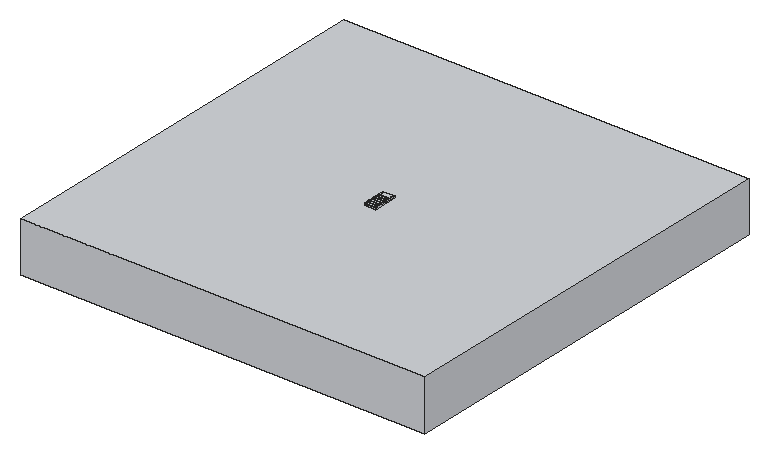
Revit family "Gira_2046112", category Elektroinstallationen, Revit 2017
Family settings
  Basisbauteil = Fläche
  Beschriftungsausrichtung beibehalten = Nein
  Bemaßung runder Anschluss = Durchmesser verwenden
  Teiletyp = Normal
  Beim Laden mit Abzugskörper schneiden = Nein
  Gemeinsam genutzt = Nein
  Raumberechnungspunkt = Nein
Parameters (values of type "KNX Tastsens.3 Plus 6f (2+4) Flächenschalter Reinweiß")
  Werkstoffgüte = "Thermoplast"
  Werkstoff Text = "Kunststoff"
  Default Elevation = 1219.2 mm
  URL = "https://www.gira.de/"
  Typname = "KNX Tastsens.3 Plus 6f (2+4) Flächenschalter Reinweiß"
  Type Comments = ""
  Transparent = no
  Schutzart (IP) = "IP20"
  RAL-Nummer (ähnlich) = 9010
  Produktseite = "https://media.stage.bim.site/t/eyJhbGciOiJIUzI1NiIsInR5cCI6IkpXVCJ9.eyJjdCI6MiwidHUiOiJodHRwOi8va2F0YWxvZy5naXJhLmRlL2RlX0RFL2RhdGVuYmxhdHQuaHRtbD9hcnRpa2VsbnI9MjA0NjExMiIsImNpZCI6IjMyNzdjYzIzLTgxYTktNGVlMy1hOTBhLWI0N2JiNGMwYjYxNiIsInJpZCI6IjNhMWJjNWQ3ODdmZmVlMWE3NjU4YWQ2ZWI2OTYzY2UxIiwicGlkIjoiMjVlMWUxZWRiYTZkNTExMDc1ZmNlZjEwZDI5M2UyYzgzN2I5NTNiMyIsInNpZCI6IjYzNDcwIiwidXQiOjEsImxjIjoiZGUiLCJpYXQiOjE2MDA5MzgyMjgsImlzcyI6Imh0dHBzOi8vYXBpLmxpdmUuYmltLnNpdGUiLCJzdWIiOiJhZG1pbkBiaW1zaXRlLmRldiJ9.g9lchiHVON_xaSJ17_GmKzl5ho3JRhP0xu6NhtyGqdc"
  Oberfläche Text = "sonstige"
  Montageart = "Unterputz"
  Model = ""
  Mit Raumthermostat = yes
  Mit LED-Anzeige = yes
  Mit Infrarotsensor = no
  Mit Display = yes
  Mit Diebstahl-/Demontageschutz = yes
  Mit Busankopplung = no
  Mit Beschriftungsfeld = no
  Kosten = 0
  Hersteller = "Gira"
  HeinzeBIM = "https://www.heinze.de/bim/knx-tastsens-3-plus-6f-2-4-flaechenschalter-reinweiss/25e1e1edba6d511075fcef10d293e2c837b953b3"
  HAN = "2046112"
  GTIN = "4010337081968"
  Farbe = "weiß"
  Datenblatt 1 = "https://media.stage.bim.site/t/eyJhbGciOiJIUzI1NiIsInR5cCI6IkpXVCJ9.eyJjdCI6MSwidGYiOiJwdWJsaWMvZ2lyYS9hZThjNTU3LzIwNDYxMTIudHh0IiwiY2lkIjoiMzI3N2NjMjMtODFhOS00ZWUzLWE5MGEtYjQ3YmI0YzBiNjE2IiwicmlkIjoiM2ExYmM1ZDc4N2ZmZWUxYTc2NThhZDZlYjY5NjNjZTEiLCJwaWQiOiIyNWUxZTFlZGJhNmQ1MTEwNzVmY2VmMTBkMjkzZTJjODM3Yjk1M2IzIiwic2lkIjoiNjM0NzAiLCJ1dCI6MSwibGMiOiJkZSIsImlhdCI6MTYwMDkzODIyOCwiaXNzIjoiaHR0cHM6Ly9hcGkubGl2ZS5iaW0uc2l0ZSIsInN1YiI6ImFkbWluQGJpbXNpdGUuZGV2In0.ml-k332oQR9sb5-CYYYgtxEMwVeUt__SRBgS-Xckh3s/2046112.txt"
  Datenblatt = "https://media.stage.bim.site/t/eyJhbGciOiJIUzI1NiIsInR5cCI6IkpXVCJ9.eyJjdCI6MSwidHUiOiJodHRwczovL2thdGFsb2cuZ2lyYS5kZS9kZV9ERS9kb3dubG9hZC5odG1sP2FydGlrZWxucj0yMDQ2MTEyIiwiY2lkIjoiMzI3N2NjMjMtODFhOS00ZWUzLWE5MGEtYjQ3YmI0YzBiNjE2IiwicmlkIjoiM2ExYmM1ZDc4N2ZmZWUxYTc2NThhZDZlYjY5NjNjZTEiLCJwaWQiOiIyNWUxZTFlZGJhNmQ1MTEwNzVmY2VmMTBkMjkzZTJjODM3Yjk1M2IzIiwic2lkIjoiNjM0NzAiLCJ1dCI6MSwibGMiOiJkZSIsImlhdCI6MTYwMDkzODIyOCwiaXNzIjoiaHR0cHM6Ly9hcGkubGl2ZS5iaW0uc2l0ZSIsInN1YiI6ImFkbWluQGJpbXNpdGUuZGV2In0.3IHCwAVu7PVKHtNCYYVUw30IkOGKWZppkr6Oa4C48G0"
  Color [instance] = none
  Bussystem Powernet = no
  Bussystem LON = no
  Bussystem KNX-Funk = no
  Bussystem KNX = yes
  Bussystem Funkbus = no
  Beschreibung = "KNX Tastsensor 3 Plus 6fach (2+4)  Reinweiß glänzend Merkmale:  Montage auf Busankoppler 3 oder Busankoppler 3 externer Fühler.  Demontageschutz durch Verschraubung.  Grafikdisplay mit Hintergrundbeleuchtung und vielfältigen Anzeigemöglichkeiten, z. B. Temperatur, Uhrzeit, Datum, Alarm- und Hinweistexte.  Weiße Betriebs-LED.  Mehrfarbige Status-LED (rot, grün, blau) über die ETS parametrierbar.  Interner Temperatursensor zum Messen der lokalen Raumtemperatur. Tastsensor-Eigenschaften::  Wippen- oder Tastenfunktion für jede Bedienfläche einstellbar.  Wippenfunktion: Schalten, Dimmen, Jalousiesteuerung, Wertgeber 1 Byte, Wertgeber 2 Byte, Szenennebenstelle, 2-Kanal-Bedienung und manuelle Lüftersteuerung.  Tastenfunktion: Schalten, Dimmen, Jalousiesteuerung, Wertgeber 1 Byte, Wertgeber 2 Byte, Szenennebenstelle, 2-Kanal-Bedienung, Reglernebenstelle, Reglerbedienung, Heizungsuhrbedienung und manuelle Lüftersteuerung.  Reglernebenstelle oder Reglerbedienung: Betriebsmodusumschaltung, (definierte Wahl eines Betriebsmodus oder Wechsel zwischen verschiedenen Betriebsmodi bei Reglernebenstelle), Wechsel des Präsenzzustands, Sollwertverschiebung.  Sperrobjekt zum Sperren von einzelnen Tasten- bzw. Wippenfunktionen.  Anzeige einer Alarmmeldung durch Blinken sämtlicher LEDs.  Mehrfarbige Status-LED (rot, grün, blau) ist global oder jeweils getrennt konfigurierbar. Über den Bus kann eine überlagerte Funktion aktiviert werden, wodurch Farbe und Anzeigeinformation einzelner Status-LEDs prioritätsbedingt verändert werden können.  Betriebs-LED EIN, AUS, automatische Abschaltung oder über Objekt schaltbar.  Kommunikationsobjekt zur Helligkeitssteuerung der Status-LED, Beschriftungsfeldbeleuchtung und Hintergrundbeleuchtung des Displays. Raumtemperaturregler-Eigenschaften::  Betriebsmodi: Komfort, Stand-by, Nacht und Frost- bzw. Hitzeschutz mit jeweils eigenen Temperatursollwerten (für Heizen und bzw. oder Kühlen).  Komfortverlängerung durch Präsenztaste.  Frost- bzw. Hitzeschutzumschaltung durch Fensterstatus oder durch Frostschutzautomatik.  Anzeige der Raumtemperaturregler-Informationen über das Gerätedisplay.  Wahlweise ein oder zwei Regelkreise.  Je Heiz- oder Kühlstufe sind verschiedene Regelungsarten konfigurierbar: PI-Regelung (stetige oder schaltende PWM) oder 2-Punkt-Regelung (schaltend).  Regelparameter für PI-Regler und 2-Punkt-Regler einstellbar.  Interner Temperatursensor und bis zu zwei externe Temperaturfühler (1 x Objekt, 1 x bedrahtet) zur Raumtemperaturmessung möglich.  Optionaler externer bedrahteter Fernfühler für z. B. Estrichfühler bei Fußbodenheizung.  Heizungsuhr mit 28 Schaltzeiten. LC-Display Eigenschaften::  Grafikdisplay mit schaltbarer LED-Hintergrundbeleuchtung.  1-Bereichs- oder 2-Bereichsdarstellung.  Textanzeigen im Display in den Sprachen: Deutsch, Englisch, Niederländisch, Norwegisch, Russisch und Polnisch. Weitere Sprachen im Internet verfügbar.  Hinweise :  Professionelle Beschriftung über den Gira Beschriftungsservice www.beschriftung.gira.de."
  Assembly Code = ""
  Keynote = ""
  BIMSITE_PRODUCT_ID = "25e1e1edba6d511075fcef10d293e2c837b953b3"
  BIM = "https://media.stage.bim.site/t/eyJhbGciOiJIUzI1NiIsInR5cCI6IkpXVCJ9.eyJjdCI6MSwidGYiOiJwdWJsaWMvZ2lyYS9hZThjNTU3L0tOWCBUYXN0c2Vuc29yIDMgUGx1cyA2ZmFjaCAoMis0KS5yZmEiLCJjaWQiOiIzMjc3Y2MyMy04MWE5LTRlZTMtYTkwYS1iNDdiYjRjMGI2MTYiLCJyaWQiOiIzYTFiYzVkNzg3ZmZlZTFhNzY1OGFkNmViNjk2M2NlMSIsInBpZCI6IjI1ZTFlMWVkYmE2ZDUxMTA3NWZjZWYxMGQyOTNlMmM4MzdiOTUzYjMiLCJzaWQiOiI2MzQ3MCIsInV0Ijo1LCJsYyI6ImRlIiwiaWF0IjoxNjAwOTM4MjI4LCJpc3MiOiJodHRwczovL2FwaS5saXZlLmJpbS5zaXRlIiwic3ViIjoiYWRtaW5AYmltc2l0ZS5kZXYifQ.Mkaoy4Btu6eMcU-w1ALf9klz1AbH7qPYekKgZMOjS6Q/KNX Tastsensor 3 Plus 6fach (2+4).rfa"
  Ausführung der Oberfläche = "glänzend"
  Anzahl der Tasten = 6
  Anzahl der Betätigungspunkte = 14
  Andere Bussysteme = "ohne"
Reference planes
  plane 1 "Center (Front/Back)": y = 0
  plane 2: z = 0
  plane 3 "Center (Left/Right)": x = 0
Forms (mm)
  Extrusion 1, solid
    sketch origin (0, 0, 0) x (1, 0, 0) y (0, 1, 0)
      loop
        line (-1219.2, 1219.2) -> (-1219.2, -1219.2) -> (1219.2, -1219.2) -> (1219.2, 1219.2) -> (-1219.2, 1219.2)
    from 0 to -304.8
  Extrusion 2, solid, material <- "Color", detail levels fine
    sketch origin (-55.776, -65.26, 7.5) x (1, 0, 0) y (0, 1, 0)
      loop
        line (20.625, 100.531) -> (20.625, 65.457) -> (90.926, 65.457) -> (90.926, 100.531) -> (20.625, 100.531)
      loop
        line (20.625, 65.077) -> (20.625, 47.73) -> (90.926, 47.73) -> (90.926, 65.077) -> (20.625, 65.077)
      loop
        line (20.625, 47.336) -> (20.625, 29.988) -> (90.926, 29.988) -> (90.926, 47.336) -> (20.625, 47.336)
      loop
        line (20.6, 12.252) -> (90.926, 12.252) -> (90.926, 29.624) -> (20.6, 29.624) -> (20.6, 12.252)
      loop
        line (20.6, -5.475) -> (90.926, -5.475) -> (90.926, 11.897) -> (20.6, 11.897) -> (20.6, -5.475)
      loop
        line (20.6, -23.202) -> (90.926, -23.202) -> (90.926, -5.829) -> (20.6, -5.829) -> (20.6, -23.202)
      loop
        line (20.6, -40.928) -> (90.926, -40.928) -> (90.926, -23.556) -> (20.6, -23.556) -> (20.6, -40.928)
    from 0 to 3.5
  Extrusion 3, solid, material <- "Color", detail levels medium+fine
    sketch origin (0, 0.271, 0) x (1, 0, 0) y (0, 1, 0)
      loop
        line (-35.15, -106.459) -> (35.15, -106.459) -> (35.15, 35) -> (-35.15, 35) -> (-35.15, -106.459)
    from 0 to 7.5
  Extrusion 4, solid, detail levels fine
    sketch origin (0, 0, 0) x (1, 0, 0) y (0, 1, 0)
      loop
        arc (-19.168, 23.877) -> (-22.703, 22.413) -> (-24.168, 18.877) r 5
        line (-24.168, 18.877) -> (-24.168, 6.977) -> (-25.818, 6.977) -> (-25.818, -6.977) -> (-24.168, -6.977) -> (-24.168, -18.877)
        arc (-24.168, -18.877) -> (-22.703, -22.413) -> (-19.168, -23.877) r 5
        line (-19.168, -23.877) -> (8.118, -23.877) -> (18.587, -23.877)
        arc (18.587, -23.877) -> (22.122, -22.413) -> (23.587, -18.877) r 5
        line (23.587, -18.877) -> (23.587, -6.977) -> (25.237, -6.977) -> (25.237, 6.977) -> (23.587, 6.977) -> (23.587, 18.877)
        arc (23.587, 18.877) -> (22.122, 22.413) -> (18.587, 23.877) r 5
        line (18.587, 23.877) -> (-0.291, 23.877) -> (-19.168, 23.877)
    from 0 to -2.5
  Extrusion 5, solid, material <- "Color", detail levels fine
    sketch origin (0.269, -7.347, 0) x (1, 0, 0) y (0, 1, 0)
      loop
        line (-7.648, -8.136) -> (-7.648, -14.195) -> (-6.811, -14.195) -> (-6.811, -8.895) -> (6.284, -8.895) -> (6.284, -14.193) -> (7.11, -14.193) -> (7.11, -8.136) -> (-7.648, -8.136)
    from -2.5 to -10
  Extrusion 6, solid, material <- "Color", detail levels fine
    sketch origin (1.783, -12.615, 0) x (1, 0, 0) y (0, 1, 0)
      loop
        circle (-29.933, 30.386) r 1
    from 11 to 11.5
  Extrusion 7, solid, material <- "Color", detail levels fine
    sketch origin (-1.783, -12.615, 0) x (-1, 0, 0) y (0, -1, 0)
      loop
        circle (-29.933, -30.386) r 1
    from 11 to 11.5
  Extrusion 8, solid, material <- "Color", detail levels fine
    sketch origin (1.783, -39.416, 0) x (1, 0, 0) y (0, 1, 0)
      loop
        circle (-29.933, 30.386) r 1
    from 11 to 11.5
  Extrusion 9, solid, material <- "Color", detail levels fine
    sketch origin (-1.783, -39.416, 0) x (-1, 0, 0) y (0, -1, 0)
      loop
        circle (-29.933, -30.386) r 1
    from 11 to 11.5
  Extrusion 10, solid, material <- "Color", detail levels fine
    sketch origin (1.783, -57.158, 0) x (1, 0, 0) y (0, 1, 0)
      loop
        circle (-29.933, 30.386) r 1
    from 11 to 11.5
  Extrusion 11, solid, material <- "Color", detail levels fine
    sketch origin (-1.783, -57.158, 0) x (-1, 0, 0) y (0, -1, 0)
      loop
        circle (-29.933, -30.386) r 1
    from 11 to 11.5
  Extrusion 12, solid, material <- "Color"
    sketch origin (0.269, 0, 0) x (1, 0, 0) y (0, 1, 0)
      loop
        line (-6.811, -16.242) -> (-6.811, -21.542) -> (6.284, -21.542) -> (6.284, -16.242) -> (-6.811, -16.242)
    from -2.5 to -3.5
  Extrusion 13, solid, material <- "Color", detail levels medium
    sketch origin (-55.776, -65.26, 7.5) x (1, 0, 0) y (0, 1, 0)
      loop
        line (20.625, 100.531) -> (20.625, 65.457) -> (90.926, 65.457) -> (90.926, 100.531) -> (20.625, 100.531)
      loop
        line (20.625, 65.077) -> (20.625, 47.73) -> (90.926, 47.73) -> (90.926, 65.077) -> (20.625, 65.077)
      loop
        line (20.625, 47.336) -> (20.625, 29.988) -> (90.926, 29.988) -> (90.926, 47.336) -> (20.625, 47.336)
      loop
        line (20.6, 29.624) -> (20.6, 12.252) -> (90.926, 12.252) -> (90.926, 29.624) -> (20.6, 29.624)
      loop
        line (20.6, -5.475) -> (90.926, -5.475) -> (90.926, 11.897) -> (20.6, 11.897) -> (20.6, -5.475)
      loop
        line (20.6, -5.829) -> (20.6, -23.202) -> (90.926, -23.202) -> (90.926, -5.829) -> (20.6, -5.829)
      loop
        line (90.926, -23.556) -> (20.6, -23.556) -> (20.6, -40.928) -> (90.926, -40.928) -> (90.926, -23.556)
    from 0 to 4
  Extrusion 14, solid, material <- "Color", detail levels medium
    sketch origin (0, 0, 0) x (1, 0, 0) y (0, 1, 0)
      loop
        line (25.237, 23.877) -> (-25.818, 23.877) -> (-25.818, -23.877) -> (25.237, -23.877) -> (25.237, 23.877)
    from 0 to -2.5
  Extrusion 15, solid, material <- "Color", detail levels medium
    sketch origin (0.269, 0, 0) x (1, 0, 0) y (0, 1, 0)
      loop
        line (-7.648, -15.484) -> (-7.648, -21.542) -> (7.11, -21.542) -> (7.11, -15.484) -> (-7.648, -15.484)
    from 0 to -10
  Extrusion 16, solid, material <- "Color", detail levels coarse
    sketch origin (0, 0.271, 0) x (1, 0, 0) y (0, 1, 0)
      loop
        line (-35.151, 35) -> (-35.151, -106.459) -> (35.15, -106.459) -> (35.15, 35) -> (-35.151, 35)
    from -14.325 to 11.5
  Extrusion 17, solid, material <- "Color", detail levels medium+fine
    sketch origin (-0.302, 0, 0) x (1, 0, 0) y (0, 1, 0)
      loop
        circle (-20.698, -0.074) r 1.5
    from -2.5 to -5
  Extrusion 18, solid, material <- "Color", detail levels medium+fine
    sketch origin (0.302, 0, 0) x (-1, 0, 0) y (0, -1, 0)
      loop
        circle (-20.698, 0.074) r 1.5
    from -2.5 to -5
  Extrusion 19, solid, material <- "Color", detail levels medium+fine
    sketch origin (0, -4.5, 0) x (1, 0, 0) y (0, 0, 1)
      loop
        arc (-24.569, -8.562) -> (-24.875, -7.319) -> (-24.723, -6.049) r 3.567
        line (-24.723, -6.049) -> (-23.628, -2.5) -> (-24.471, -2.5) -> (-25.269, -6.145)
        arc (-25.269, -6.145) -> (-25.337, -7.357) -> (-25.022, -8.529) r 3.822
        line (-25.022, -8.529) -> (-23.038, -12.944) -> (-23.376, -13.668) -> (-22.809, -14.235)
        arc (-22.809, -14.235) -> (-22.539, -13.552) -> (-22.653, -12.826) r 1.396
        line (-22.653, -12.826) -> (-24.165, -9.46) -> (-24.569, -8.562)
      loop
        line (24.569, -8.562) -> (24.165, -9.46) -> (22.653, -12.826)
        arc (22.653, -12.826) -> (22.539, -13.552) -> (22.809, -14.235) r 1.396
        line (22.809, -14.235) -> (23.376, -13.668) -> (23.038, -12.944) -> (25.022, -8.529)
        arc (25.022, -8.529) -> (25.337, -7.357) -> (25.269, -6.145) r 3.822
        line (25.269, -6.145) -> (24.471, -2.5) -> (23.628, -2.5) -> (24.723, -6.049)
        arc (24.723, -6.049) -> (24.875, -7.319) -> (24.569, -8.562) r 3.567
    from 0 to 3
  Extrusion 20, solid, material <- "Color", detail levels medium+fine
    sketch origin (0, 4.5, 0) x (1, 0, 0) y (0, 0, -1)
      loop
        line (-24.569, 8.562) -> (-24.165, 9.46) -> (-22.653, 12.826)
        arc (-22.653, 12.826) -> (-22.539, 13.552) -> (-22.809, 14.235) r 1.396
        line (-22.809, 14.235) -> (-23.376, 13.668) -> (-23.038, 12.944) -> (-25.022, 8.529)
        arc (-25.022, 8.529) -> (-25.337, 7.357) -> (-25.269, 6.145) r 3.822
        line (-25.269, 6.145) -> (-24.471, 2.5) -> (-23.628, 2.5) -> (-24.723, 6.049)
        arc (-24.723, 6.049) -> (-24.875, 7.319) -> (-24.569, 8.562) r 3.567
      loop
        arc (24.569, 8.562) -> (24.875, 7.319) -> (24.723, 6.049) r 3.567
        line (24.723, 6.049) -> (23.628, 2.5) -> (24.471, 2.5) -> (25.269, 6.145)
        arc (25.269, 6.145) -> (25.337, 7.357) -> (25.022, 8.529) r 3.822
        line (25.022, 8.529) -> (23.038, 12.944) -> (23.376, 13.668) -> (22.809, 14.235)
        arc (22.809, 14.235) -> (22.539, 13.552) -> (22.653, 12.826) r 1.396
        line (22.653, 12.826) -> (24.165, 9.46) -> (24.569, 8.562)
    from 0 to 3
  Extrusion 21, solid, material <- "Color", detail levels fine
    sketch origin (1.783, -14.114, 0) x (1, 0, 0) y (0, 1, 0)
      loop
        circle (-29.933, -30.386) r 1
    from 11 to 11.5
  Extrusion 22, solid, material <- "Color", detail levels fine
    sketch origin (-1.783, -14.114, 0) x (-1, 0, 0) y (0, -1, 0)
      loop
        circle (-29.933, 30.386) r 1
    from 11 to 11.5
  Extrusion 23, solid, material <- "Color", detail levels fine
    sketch origin (1.783, -92.611, 0) x (1, 0, 0) y (0, 1, 0)
      loop
        circle (-29.933, 30.386) r 1
    from 11 to 11.5
  Extrusion 24, solid, material <- "Color", detail levels fine
    sketch origin (-1.783, -92.611, 0) x (-1, 0, 0) y (0, -1, 0)
      loop
        circle (-29.933, -30.386) r 1
    from 11 to 11.5
  Extrusion 25, solid, material <- "Color", detail levels fine
    sketch origin (1.783, -49.567, 0) x (1, 0, 0) y (0, 1, 0)
      loop
        circle (-29.933, -30.386) r 1
    from 11 to 11.5
  Extrusion 26, solid, material <- "Color", detail levels fine
    sketch origin (-1.783, -49.567, 0) x (-1, 0, 0) y (0, -1, 0)
      loop
        circle (-29.933, 30.386) r 1
    from 11 to 11.5
  Extrusion 27, solid, material <- "Color", detail levels fine
    sketch origin (1.783, -127.355, 0) x (1, 0, 0) y (0, 1, 0)
      loop
        circle (-29.933, 30.386) r 1
    from 11 to 11.5
  Extrusion 28, solid, material <- "Color", detail levels fine
    sketch origin (-1.783, -127.355, 0) x (-1, 0, 0) y (0, -1, 0)
      loop
        circle (-29.933, -30.386) r 1
    from 11 to 11.5
  Extrusion 29, solid, detail levels fine
    sketch origin (0, -71, 0) x (1, 0, 0) y (0, 1, 0)
      loop
        arc (-19.168, 23.877) -> (-22.703, 22.413) -> (-24.168, 18.877) r 5
        line (-24.168, 18.877) -> (-24.168, 6.977) -> (-25.818, 6.977) -> (-25.818, -6.977) -> (-24.168, -6.977) -> (-24.168, -18.877)
        arc (-24.168, -18.877) -> (-22.703, -22.413) -> (-19.168, -23.877) r 5
        line (-19.168, -23.877) -> (8.118, -23.877) -> (18.587, -23.877)
        arc (18.587, -23.877) -> (22.122, -22.413) -> (23.587, -18.877) r 5
        line (23.587, -18.877) -> (23.587, -6.977) -> (25.237, -6.977) -> (25.237, 6.977) -> (23.587, 6.977) -> (23.587, 18.877)
        arc (23.587, 18.877) -> (22.122, 22.413) -> (18.587, 23.877) r 5
        line (18.587, 23.877) -> (-0.291, 23.877) -> (-19.168, 23.877)
    from 0 to -2.5
  Extrusion 30, solid, material <- "Color", detail levels medium
    sketch origin (0, -71, 0) x (1, 0, 0) y (0, 1, 0)
      loop
        line (25.237, 23.877) -> (-25.818, 23.877) -> (-25.818, -23.877) -> (25.237, -23.877) -> (25.237, 23.877)
    from 0 to -2.5
Lines and regions (mm)
  reference lines
    curve 1: line (0, 35.271, 0) -> (0, -106.188, 0)
Dimensions and locks
  aligned and locked: plane 2 to Extrusion 1
  aligned and locked: level to Extrusion 1
Connectors
  electrical at (0.005, -18.892, -3.5)
    settings: on Extrusion 12, index 1, voltage 120 V, apparent load 0 VA, apparent load phase1 0 VA, apparent load phase2 0 VA, apparent load phase3 0 VA, power factor 1, load classification "Other", number of poles 1, system type 31, power factor state 1, is connector primary yes, connector utility no, sub classification motor no, connector description ""
